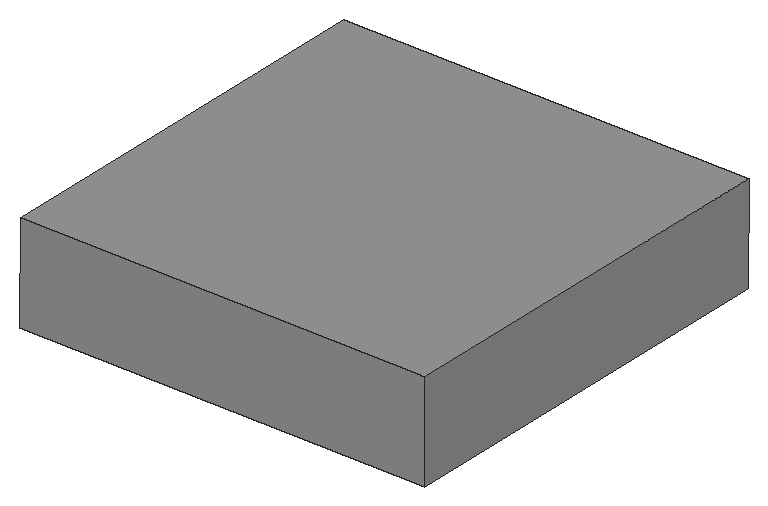
Revit family "PYXIS surface 3-612-xx", category Luminarias, Revit 2016
Family settings
  Tipo de pieza = Normal
  Cota de conector redondo = Diámetro de uso
  Número OmniClass = 23.80.70.00
  Título OmniClass = Lighting
  Se basa en plano de trabajo = No
  Siempre vertical = Sí
  Corte con vacíos al cargar = No
  Origen de luz = Sí
  Compartido = No
  Punto de cálculo de habitación = No
Parameters
  Ángulo de inclinación = 60.00°
  matte white acrylic = Acrílico, claro
  aged brass = Latón
  Wattage = 16.1571 W
  built-in parameter 1150110 = 1 (stored number, unit not read)
  built-in parameter 1150142 = (empty or 0)
  built-in parameter 1114217 = 1 (stored number, unit not read)
  built-in parameter 1150109 = 1 (stored number, unit not read)
  built-in parameter 1150134 = (empty or 0)
  built-in parameter 1150113 = 1 (stored number, unit not read)
  Lumens = 2400 lm
  built-in parameter 1150115 = 1 (stored number, unit not read)
  built-in parameter 1150105 = 190.99 (stored number, unit not read)
  built-in parameter 1150137 = (empty or 0)
  built-in parameter 1150139 = (empty or 0)
  built-in parameter 1150112 = 1 (stored number, unit not read)
  built-in parameter 1150114 = 1 (stored number, unit not read)
  built-in parameter 1150132 = 2
  built-in parameter 1150102 = (empty or 0)
  built-in parameter 1150138 = (empty or 0)
  built-in parameter 1150107 = 3000 (stored number, unit not read)
  built-in parameter 1150106 = 1.9099 (stored number, unit not read)
  Emit from Line Length = 0.6096 m
  built-in parameter 1150104 = 13.8 (stored number, unit not read)
  Dimming Lamp Color Temperature Shift = (empty or 0)
  Color Filter = 16777215
  Longitud de línea de emisión = 0.3048 m
  Archivo de red fotométrica = "generic"
  built-in parameter 1150133 = 10 (stored number, unit not read)
Reference planes (m)
  plane 1 "Eje de origen de luz (F/P)": y = 0
  plane 2: z = 0
  plane 3 "Eje de origen de luz (I/D)": x = 0
  plane 4 "Elevación de origen de luz": z = 0.138435
Forms (m)
  Extrusion 1, solid, material "Latón" <- "aged brass"
    sketch origin (0, -0.135887, 0.107122) x (0, -1, 0) y (1, 0, 0)
      loop
        line (0, 0.26035) -> (-0.26035, 0.26035) -> (-0.26035, 0) -> (0, 0) -> (0, 0.26035)
    from 0 to 0.0635
  Extrusion 2, void
    sketch origin (0, -0.135887, 0.107122) x (0, -1, 0) y (1, 0, 0)
      loop
        line (-0.007099, 0.253251) -> (-0.253251, 0.253251) -> (-0.253251, 0.007099) -> (-0.007099, 0.007099) -> (-0.007099, 0.253251)
    from 0 to 0.06
  Extrusion 3, solid, material "Acrílico, claro" <- "matte white acrylic"
    sketch origin (0, -0.135887, 0.107122) x (0, -1, 0) y (1, 0, 0)
      loop
        line (-0.253251, 0.007099) -> (-0.007099, 0.007099) -> (-0.007099, 0.253251) -> (-0.253251, 0.253251) -> (-0.253251, 0.007099)
    from 0 to 0.002146
Cuts and joins
  Extrusion 2 cuts Extrusion 1
Dimensions and locks (m)
  aligned and locked: plane 1 "Eje de origen de luz (F/P)" to imposter light
  aligned and locked: plane 4 "Elevación de origen de luz" to imposter light
  aligned and locked: plane 2 to level
